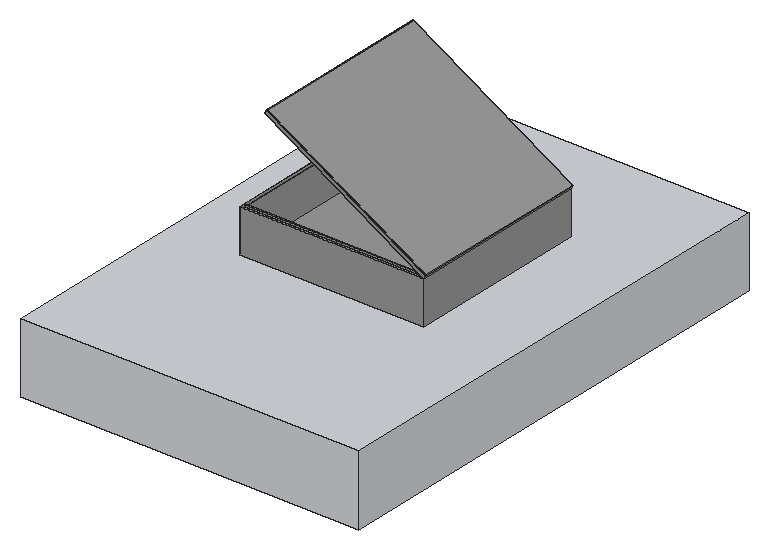
Revit family "Hager-Univers-IP54-D205-H800-Cl.I-Encl-AT-de", category Equipement électrique, Revit 2020
Family settings
  Hôte = Face
  Configuration du panneau = Deux colonnes, circuits au sein
  Cote de connecteur circulaire = Utiliser le diamètre
  Type d'élément = Tableau de raccordement
  Couper avec des vides une fois chargée = Non
  Partagée = Non
  Point de calcul de pièce = Non
Parameters (values of type "Aufputz IP54 B800 H800 T205  - FP53TW2")
  Width Control [instance] = if([EF000008 - Breite] > Min Width, [EF000008 - Breite], Min Width)  # 800 mm
  Commentaires du type = [HG000003 - Bereich]  # "Univers"
  Thickness Door [instance] = if([EF009171 - Materialstärke Tür/Deckel] > 3 mm, 3 mm, [EF009171 - Materialstärke Tür/Deckel])  # 1 mm
  Seal Frame Offset [instance] = 17 mm  # constant formula
  Plinth Visibility [instance] = [HG000027 - Sockelhöhe] > 0 mm  # no
  Model = ""
  Min Width [instance] = 100 mm  # constant formula
  Min Height [instance] = 100 mm  # constant formula
  Min Depth [instance] = (2 * [EF009170 - Materialstärke Gehäuse]) + 1 mm  # 3 mm
  Internal Frame Depth [instance] = (Door System Depth * 0.5)  # 9 mm
  Height Control [instance] = if([EF000040 - Höhe] > Min Height, [EF000040 - Höhe], Min Height)  # 800 mm
  HG000027 - Sockelhöhe = 0 mm
  HG000026 - Stehend auf dem Boden = no
  HG000024 - Höhe des unteren Teils = 800 mm
  HG000023 - Gehäuse mit doppeltem Querschnitt = no
  HG000016 - 3D-Türsichtbarkeit [instance] = yes
  HG000015 - Sichtbarkeit der Türöffnung [instance] = no
  HG000014 - Tür rechts [instance] = yes
  HG000013 - Tür links [instance] = not([HG000014 - Tür rechts])  # no
  HG000012 - Türschwenkwinkel [instance] = 30.00°
  HG000010 - Asymmetrische Türen = no
  HG000009 - Doppelflügeligen Tür = no
  HG000006 - Unterputz = no
  HG000004 - Herstellerreferenz = "FP53TW2"
  HG000003 - Bereich = "Univers"
  HG000002 - Mit tür = yes
  Frame Offset Bottom [instance] = 10 mm  # constant formula
  Frame Offset [instance] = 15 mm  # constant formula
  EF015940 - Deckel mit Überdruckentlastung = no
  EF011959 - Schutzart (NEMA) = ""
  EF009554 - Anzahl der Öffnungen für Flanschplatten = 6
  Fabricant = "Hager"  # constant formula
  EF009212 - Ausführung Deckel = "EV000116 - geschlossen"
  EF009171 - Materialstärke Tür/Deckel = 1 mm
  EF009170 - Materialstärke Gehäuse = 1 mm
  EF008873 - Nennstrom (In) = 250 A
  EF007800 - Geeignet für Blitzschutz = no
  EF006306 - Mit Schloss = no
  EF006244 - Transparenter Deckel/Tür = no
  EF005474 - Schutzart (IP) = "EV006419 - IP54"
  EF004464 - Art der Tür = "EV002646 - Einzel"
  EF004427 - Anzahl der Module = 180
  EF004293 - Schlagfestigkeit = "EV006815 - IK09"
  EF003532 - Geeignet für Außengebrauch = no
  EF002950 - Breite in Teilungseinheiten = 36
  EF001613 - Funktionserhalt = "EV000494 - ohne"
  EF001596 - Werkstoff des Gehäuses = "EV000179 - Stahl"
  EF001131 - Innentiefe = 205 mm
  EF001088 - Anbaumöglichkeit = yes
  EF000437 - Anzahl der Leitungseinführungen = 6
  EF000339 - Art der Abdeckung = "EV001012 - Deckel"
  EF000266 - Anzahl der Reihen = 5
  EF000218 - Einbautiefe = 205 mm
  EF000118 - Mit Montageplatte = no
  EF000116 - RAL-Nummer = "9010"
  EF000049 - Tiefe = 205 mm
  EF000040 - Höhe = 800 mm
  EF000008 - Breite = 800 mm
  EF000007 - Farbe = "EV000202 - weiß"
  EF000003 - Montageart = "EV000384 - Aufputz"
  Door System Leaf Tolerance [instance] = 1.5 mm  # constant formula
  Door System Depth [instance] = 18 mm  # constant formula
  Door Height [instance] = Height Control - [HG000027 - Sockelhöhe]  # 800 mm
  Depth Control [instance] = if([EF000049 - Tiefe] > Min Depth, [EF000049 - Tiefe], Min Depth)  # 205 mm
  Default Elevation = 0 mm
  Connector Offset [instance] = Height Control / 2  # 400 mm
  Bottom Top Plate Trim [instance] = 1.5 mm  # constant formula
  Plinth height Ctrl [instance] = if([HG000027 - Sockelhöhe] > 0 mm, [HG000027 - Sockelhöhe], 12 mm)  # 12 mm
Types (4, lengths in mm): name | Width Control | HG000004 - Herstellerreferenz | EF009554 - Anzahl der Öffnungen für Flanschplatten | EF004464 - Art der Tür | EF004427 - Anzahl der Module | EF002950 - Breite in Teilungseinheiten | EF000437 - Anzahl der Leitungseinführungen | EF000008 - Breite
  Aufputz IP54 B1050 H800 T205  - FP54TW2 | 1050 | "FP54TW2" | 8 | "EV003602 - Doppel" | 240 | 48 | 8 | 1050
  Aufputz IP54 B1300 H800 T205  - FP55TW2 | 1300 | "FP55TW2" | 10 | "EV003602 - Doppel" | 300 | 60 | 10 | 1300
  Aufputz IP54 B550 H800 T205  - FP52TW2 | 550 | "FP52TW2" | 4 | "EV002646 - Einzel" | 120 | 24 | 4 | 550
  Aufputz IP54 B800 H800 T205  - FP53TW2 | 800 | "FP53TW2" | 6 | "EV002646 - Einzel" | 180 | 36 | 6 | 800
Reference planes
  plane 1 "Center (Front/Back)": y = 0
  plane 2: z = 0
  plane 3 "Center (Left/Right)": x = 0
  plane 4: z = 205
  plane 5: y = 1
  plane 6: y = 400
  plane 7: y = 0
  plane 8: y = 800
  plane 9: z = 0
  plane 10: x = -385
  plane 11: x = 385
  plane 12: x = 384
  plane 13: x = -384
  plane 14: y = 799
  plane 15: x = -383
  plane 16: x = -400
  plane 17: x = 383
  plane 18: x = 400
  plane 19: x = 399
  plane 20: x = -399
  plane 21: y = 11
  plane 22: y = 800
  plane 23: y = 784
  plane 24: z = 187
  plane 25: z = 1
  plane 26: z = 186
  plane 27: z = 204
Forms (mm)
  Extrusion 1, solid
    sketch origin (0, 0, 0) x (1, 0, 0) y (0, 1, 0)
      loop
        line (-702.964, 1305) -> (-702.964, -811.445) -> (766.763, -811.445) -> (766.763, 1305) -> (-702.964, 1305)
    from 0 to -304.8
  Extrusion 2, solid, material "Hager_Steel_RAL7035_Light_Grey", visible <- "Plinth Visibility", detail levels medium+fine
    sketch origin (0, 0, 0) x (1, 0, 0) y (0, 1, 0)
      loop
        line (-400, 0) -> (400, 0) -> (400, 12) -> (-400, 12) -> (-400, 0)
    from 0 to 187
  Extrusion 3, solid, material "Hager_Steel_RAL7035_Light_Grey", detail levels medium+fine
    sketch origin (0, 0, 0) x (1, 0, 0) y (0, 1, 0)
      loop
        line (-400, 0) -> (400, 0) -> (400, 800) -> (-400, 800) -> (-400, 0)
    from 0 to 187
  Extrusion 4, void
    sketch origin (0, 0, 0) x (1, 0, 0) y (0, 1, 0)
      loop
        line (-399, 1) -> (399, 1) -> (399, 799) -> (-399, 799) -> (-399, 1)
    from 1 to 186
  Extrusion 5, void
    sketch origin (-381.607, -4572, 187) x (0, -1, 0) y (-1, 0, 0)
      loop
        line (-4583, 2.393) -> (-5356, 2.393) -> (-5356, -765.607) -> (-4583, -765.607) -> (-4583, 2.393)
    from 0 to 1 <- "EF009170 - Materialstärke Gehäuse"
  Extrusion 6, solid, material "Hager_Steel_RAL7035_Light_Grey", detail levels fine
    sketch origin (0, 0, 187) x (1, 0, 0) y (0, 1, 0)
      loop
        line (-384, 784) -> (-384, 11) -> (384, 11) -> (384, 784) -> (-384, 784)
      loop
        line (-385, 10) -> (385, 10) -> (385, 785) -> (-385, 785) -> (-385, 10)
    from 0 to 9 <- "Internal Frame Depth"
  Extrusion 7, solid, material "Hager_Steel_RAL7035_Light_Grey", detail levels coarse
    sketch origin (0, 0, 0) x (1, 0, 0) y (0, 1, 0)
      loop
        line (-400, 0) -> (400, 0) -> (400, 800) -> (-400, 800) -> (-400, 0)
    from 0 to 205
  Sweep 8, void
    path in 3D
      loop
        line (-400, 12, 0) -> (400, 12, 0) -> (400, 12, 187) -> (-400, 12, 187) -> (-400, 12, 0)
    profile origin (-400, 12, 93.5) x (-1, 0, 0) y (0, -1, 0)
      loop
        line (0, 0) -> (0, 1.5) -> (-1.5, 1.5)
        arc (-1.5, 1.5) -> (-1.061, 0.439) -> (0, 0) r 1.5
Cuts and joins
  Extrusion 4, Extrusion 5 cuts Extrusion 3
  Sweep 8 cuts Extrusion 2
Lines and regions (mm)
  Masking region 1
    outline origin (0, 0, 0) x (1, 0, 0) y (0, 0, 1)
      loop
        line (-400, 205) -> (-400, 0) -> (400, 0) -> (400, 205) -> (-400, 205)
  Masking region 2, detail levels medium+fine
    outline origin (0, 140, 0) x (0, 1, 0) y (0, 0, 1)
      loop
        line (-140, 0) -> (660, 0) -> (660, 187) -> (-140, 187) -> (-140, 0)
  Masking region 3, not visible, detail levels medium+fine
    outline origin (0, 297.922, 0) x (0, 1, 0) y (0, 0, 1)
      loop
        line (113.578, 0) -> (153.578, 0) -> (153.578, 194)
        arc (153.578, 194) -> (150.649, 201.071) -> (143.578, 204) r 10
        line (143.578, 204) -> (113.578, 204) -> (113.578, 0)
  Masking region 4, detail levels coarse
    outline origin (0, 0, 180) x (0, 1, 0) y (0, 0, 1)
      loop
        line (0, -180) -> (800, -180) -> (800, 25) -> (0, 25) -> (0, -180)
  Masking region 5, visible <- "Plinth Visibility", detail levels medium+fine
    outline origin (0, 52.24, 12.345) x (0, 0, -1) y (0, 1, 0)
      loop
        line (10.845, -40.24) -> (-173.155, -40.24)
        arc (-173.155, -40.24) -> (-173.594, -41.301) -> (-174.655, -41.74) r 1.5
        line (-174.655, -41.74) -> (-174.655, -52.24) -> (12.345, -52.24) -> (12.345, -41.74)
        arc (12.345, -41.74) -> (11.285, -41.301) -> (10.845, -40.24) r 1.5
  Masking region 6, detail levels medium+fine
    outline origin (-381.607, -4572, 187) x (-1, 0, 0) y (0, -1, 0)
      loop
        line (18.393, -5372) -> (18.393, -4572) -> (-781.607, -4572) -> (-781.607, -5372) -> (18.393, -5372)
  Masking region 7, visible <- "Plinth Visibility", detail levels medium+fine
    outline origin (-381.607, -4727, 187) x (-1, 0, 0) y (0, -1, 0)
      loop
        arc (16.893, -4739) -> (17.332, -4737.939) -> (18.393, -4737.5) r 1.5
        line (18.393, -4737.5) -> (18.393, -4727) -> (-781.607, -4727) -> (-781.607, -4737.5)
        arc (-781.607, -4737.5) -> (-780.546, -4737.939) -> (-780.107, -4739) r 1.5
        line (-780.107, -4739) -> (16.893, -4739)
  Masking region 8, detail levels coarse
    outline origin (-442.548, -4669.526, 187) x (-1, 0, 0) y (0, -1, 0)
      loop
        line (-42.548, -5469.526) -> (-42.548, -4669.526) -> (-842.548, -4669.526) -> (-842.548, -5469.526) -> (-42.548, -5469.526)
  sketch lines
    curve 1: line (-400, 12, 187) -> (-400, 12, 0)
    curve 2: line (400, 12, 187) -> (-400, 12, 187)
    curve 3: line (400, 12, 187) -> (400, 12, 0)
    curve 4: line (-400, 12, 0) -> (400, 12, 0)
Dimensions and locks
  "Depth Control": plane 4 to Extrusion 1
  "HG000027 - Sockelhöhe": plane 1 "Center (Front/Back)" to plane 7
  "EF009170 - Materialstärke Gehäuse": plane 5 to plane 7
  locked: connector elem to plane 3 "Center (Left/Right)"
  equal spacing: plane 8, plane 6, plane 7
  locked: connector elem to plane 6
  "EF009170 - Materialstärke Gehäuse": plane 8 to plane 14
  "EF009170 - Materialstärke Gehäuse": plane 10 to plane 13
  "EF009170 - Materialstärke Gehäuse": plane 12 to plane 11
  "Frame Offset": plane 20 to plane 13
  "Frame Offset": plane 12 to plane 19
  "EF009170 - Materialstärke Gehäuse": plane 16 to plane 20
  "EF009170 - Materialstärke Gehäuse": plane 19 to plane 18
  "Seal Frame Offset": plane 16 to plane 15
  "Seal Frame Offset": plane 17 to plane 18
  "Frame Offset Bottom": plane 21 to plane 5
  "Frame Offset": plane 14 to plane 23
  equal spacing: plane 16, plane 3 "Center (Left/Right)", plane 18
  "Width Control": plane 16 to plane 18
  "EF009170 - Materialstärke Gehäuse": plane 4 to plane 27
  "EF009170 - Materialstärke Gehäuse": plane 24 to plane 26
  "EF009170 - Materialstärke Gehäuse": plane 25 to level
  "Door System Depth": plane 4 to plane 24
  "Height Control": plane 1 "Center (Front/Back)" to Extrusion 7 sketch curve
  "Height Control": Masking region 4 sketch curve to plane 1 "Center (Front/Back)"
  "Height Control": plane 1 "Center (Front/Back)" to plane 22
  "Bottom Top Plate Trim": profile plane to Sweep 8 sketch curve
  "Bottom Top Plate Trim": Sweep 8 sketch curve to profile plane
  "Plinth height Ctrl": plane 1 "Center (Front/Back)" to Extrusion 2 sketch curve
  "Plinth height Ctrl": Masking region 5 sketch curve to plane 1 "Center (Front/Back)"
  "Plinth height Ctrl": plane 1 "Center (Front/Back)" to Masking region 7 sketch curve
  "Thickness Door": Extrusion 6 sketch curve to Extrusion 6 sketch curve  (x3)
  "Thickness Door": cut or joined group of Extrusion 3, Extrusion 4, Extrusion 5 to Extrusion 6 sketch curve
  radius of Masking region 3 sketch curve = 10 mm
  "Bottom Top Plate Trim": radius of Masking region 5 sketch curve  (x2)
  "Bottom Top Plate Trim": radius of Sweep 8 sketch curve
  "Bottom Top Plate Trim": radius of Masking region 7 sketch curve  (x2)
  aligned and locked: plane 2 to Extrusion 1
  aligned and locked: level to Extrusion 1
  aligned and locked: level to Masking region 1 sketch curve
  aligned and locked: Masking region 1 sketch curve to plane 18
  aligned and locked: Masking region 1 sketch curve to plane 16
  aligned and locked: plane 7 to Masking region 2 sketch curve
  aligned and locked: level to Masking region 3 sketch curve
  aligned and locked: Masking region 3 sketch curve to plane 27
  aligned and locked: level to Masking region 2 sketch curve
  aligned and locked: plane 1 "Center (Front/Back)" to Extrusion 2 sketch curve
  aligned and locked: Extrusion 3 sketch curve to plane 7
  aligned and locked: plane 16 to Extrusion 3 sketch curve
  aligned and locked: plane 18 to Extrusion 3 sketch curve
  aligned and locked: plane 20 to Extrusion 4 sketch curve
  aligned and locked: plane 19 to Extrusion 4 sketch curve
  aligned and locked: Extrusion 4 sketch curve to plane 5
  aligned and locked: Extrusion 4 to plane 25
  aligned and locked: plane 26 to Extrusion 4
  aligned and locked: plane 24 to Extrusion 3
  aligned and locked: Extrusion 5 sketch curve to plane 21
  aligned and locked: Extrusion 5 sketch curve to plane 13
  aligned and locked: Extrusion 5 sketch curve to plane 12
  aligned and locked: plane 18 to Extrusion 7 sketch curve
  aligned and locked: plane 1 "Center (Front/Back)" to Extrusion 7 sketch curve
  aligned and locked: plane 16 to Extrusion 7 sketch curve
  aligned and locked: plane 4 to Extrusion 7
  aligned and locked: Extrusion 7 to level
  aligned and locked: level to Masking region 4 sketch curve
  aligned and locked: Masking region 4 sketch curve to plane 1 "Center (Front/Back)"
  aligned and locked: Masking region 4 sketch curve to plane 4
  aligned and locked: nested 1 to level
  aligned and locked: nested 1 to plane 16
  aligned and locked: plane 8 to Extrusion 3 sketch curve
  aligned and locked: plane 23 to Extrusion 5 sketch curve
  aligned and locked: plane 14 to Extrusion 4 sketch curve
  aligned and locked: Masking region 2 sketch curve to plane 8
  aligned and locked: level to Masking region 5 sketch curve
  aligned and locked: plane 16 to Extrusion 2 sketch curve
  aligned and locked: plane 18 to Extrusion 2 sketch curve
  aligned and locked: Masking region 5 sketch curve to plane 24
  aligned and locked: Masking region 2 sketch curve to plane 24
  aligned and locked: plane 24 to Extrusion 2
  aligned and locked: profile plane to Sweep 8 sketch curve  (x2)
  aligned and locked: Masking region 6 sketch curve to plane 18
  aligned and locked: Masking region 6 sketch curve to plane 22
  aligned and locked: Masking region 6 sketch curve to plane 16
  aligned and locked: plane 8 to plane 22
  aligned and locked: Masking region 6 sketch curve to plane 7
  aligned and locked: Masking region 7 sketch curve to plane 16
  aligned and locked: Masking region 7 sketch curve to plane 1 "Center (Front/Back)"
  aligned and locked: Masking region 7 sketch curve to plane 18
  aligned and locked: Masking region 8 sketch curve to plane 1 "Center (Front/Back)"
  aligned and locked: Masking region 8 sketch curve to plane 18
  aligned and locked: Masking region 8 sketch curve to plane 22
  aligned and locked: Masking region 8 sketch curve to plane 16
  aligned and locked: nested 2 to plane 7
  aligned and locked: plane 3 "Center (Left/Right)" to nested 2
  aligned and locked: nested 2 to plane 24
  aligned and locked: Extrusion 6 sketch curve to cut or joined group of Extrusion 3, Extrusion 4, Extrusion 5  (x4)
Automatic sketch dimensions
  Extrusion 1 sketch curve to Extrusion 1 sketch curve = 1469.727 mm
  Extrusion 1 sketch curve to Extrusion 1 sketch curve = 2116.445 mm
  Masking region 1 sketch curve to plane 4 = 0 mm
  plane 6 to Masking region 3 sketch curve = 11.5 mm
  Masking region 3 sketch curve to Masking region 3 sketch curve = 30 mm
  Masking region 5 sketch curve to plane 1 "Center (Front/Back)" = 0 mm
Nested families
  nested 1: "Hager_Enclosure_Symbol" at (-400, 0, 0) x (1, 0, 0) z (0, -1, 0), Height <- "Depth Control", Width <- "Width Control", type "Hager_Enclosure_Symbol"
    with Width_Ctrl 800 mm, Width 800 mm, Height_Ctrl 205 mm, Height 205 mm, A_Width_Int 13.453 mm, A_Width 161.438 mm, A_Height_Ctrl 179.375 mm, A_Height 179.375 mm
  nested 2: "EC000058_Univers_Door" at (0, 0, 187) x (1, 0, 0) z (0, 1, 0), Leaf_Tolerance <- "Door System Leaf Tolerance", Angle <- "HG000012 - Türschwenkwinkel", Door_Depth <- "Door System Depth", Door_Left <- "HG000013 - Tür links", Transparent <- "EF006244 - Transparenter Deckel/Tür", Assymetrical <- "HG000010 - Asymmetrische Türen", Width <- "Width Control", Clearance <- "HG000015 - Sichtbarkeit der Türöffnung", Double <- "HG000009 - Doppelflügeligen Tür", 3d_Door <- "HG000016 - 3D-Türsichtbarkeit", Lock_Visibility <- "EF006306 - Mit Schloss", Width_Ctrl <- "Width Control", Door_Right <- "HG000014 - Tür rechts", Door <- "HG000002 - Mit tür", Height <- "Door Height", Thickness <- "Thickness Door", type "EC000058_Univers_Door", detail levels medium+fine
    with min_wh 3 mm, Width_Ctrl 800 mm, Width 800 mm, Transparent no, Thickness 1 mm, Seal_Material Hager_Rubber, Lock_Visibility no, Lock_Material Hager_Plastic_RAL9005_Jet_Black, Leaf_Width 800 mm, Leaf_Tolerance_External_Sides 0 mm, Leaf_Tolerance 1.5 mm, Leaf_Offset 0 mm, Leaf_Height 797 mm, Leaf_2_Width 800 mm, Leaf_2_Offset 400 mm, Leaf_1_Width 800 mm, Leaf_1_Offset 400 mm, Height_Ctrl 800 mm, Height 800 mm, Glass_Material Hager_Glass, Double_Clearance_Ctrl no, Double no, Door_Right_Ctrl yes, Door_Right yes, Door_Material Hager_Steel_RAL7035_Light_Grey, Door_Left_Ctrl no, Door_Left no, Door_Depth 18 mm, Door yes, Clearance_Material Hager_Clearance, Clearance_Depth 800 mm, Clearance_Ctrl no, Clearance no, Assymetrical no, Angle 30.00°, 3d_Door yes
Connectors
  electrical at (0, 400, 0)
    settings: on plane 9, index 1, voltage 0 V, apparent load 0 VA, apparent load phase1 0 VA, apparent load phase2 0 VA, apparent load phase3 0 VA, power factor 1, load classification "Other", number of poles 1, system type 30, power factor state 1, is connector primary yes, connector utility no, sub classification motor no, connector description ""
Definition of nested family "EC000058_Univers_Door"
  Parameters (values of type "EC000058_Univers_Door")
    min_wh [instance] = (2 * Thickness) + 1 mm  # 11 mm
    Width_Ctrl [instance] = 400 mm
    Width [instance] = 500 mm
    Transparent [instance] = yes
    Thickness [instance] = 5 mm
    Seal_Material [instance] = none
    Lock_Visibility [instance] = yes
    Lock_Material [instance] = none
    Leaf_Width [instance] = if((Width_Ctrl - 2 * Leaf_Tolerance_External_Sides) > 0 mm, (Width_Ctrl - 2 * Leaf_Tolerance_External_Sides), min_wh)  # 400 mm
    Leaf_Tolerance_External_Sides [instance] = 0 mm  # constant formula
    Leaf_Tolerance [instance] = 1.5 mm
    Leaf_Offset [instance] = 0 mm  # constant formula
    Leaf_Height [instance] = if((Height_Ctrl - 2 * Leaf_Tolerance) > 0 mm, (Height_Ctrl - 2 * Leaf_Tolerance), min_wh)  # 497 mm
    Leaf_2_Width [instance] = if(and(and(Double, Assymetrical), Door_Left), (Leaf_Width / 3) - (Leaf_Tolerance / 2), if(and(and(Double, Assymetrical), Door_Right), (Leaf_Width / 3) * 2 - (Leaf_Tolerance / 2), if(and(Double, not(Assymetrical)), (Leaf_Width / 2) - Leaf_Tolerance, Leaf_Width)))  # 400 mm
    Leaf_2_Offset [instance] = if(and(Double, Assymetrical), Leaf_2_Width / 2, if(and(Double, not(Assymetrical)), Leaf_Width / 4, Leaf_Width / 2))  # 200 mm
    Leaf_1_Width [instance] = if(and(and(Double, Assymetrical), Door_Right), (Leaf_Width / 3) - (Leaf_Tolerance / 2), if(and(and(Double, Assymetrical), Door_Left), (Width / 3) * 2 - (Leaf_Tolerance / 2), if(and(Double, not(Assymetrical)), (Leaf_Width / 2) - Leaf_Tolerance, Leaf_Width)))  # 400 mm
    Leaf_1_Offset [instance] = if(and(Double, Assymetrical), Leaf_1_Width / 2, if(and(Double, not(Assymetrical)), Leaf_Width / 4, Leaf_Width / 2))  # 200 mm
    Height_Ctrl [instance] = if(Height > min_wh, Height, min_wh)  # 500 mm
    Height [instance] = 500 mm
    Glass_Material [instance] = none
    Double_Clearance_Ctrl [instance] = and(Double, Clearance)  # no
    Double [instance] = no
    Door_Right_Ctrl [instance] = and(or(Door_Right, Double), Door)  # yes
    Door_Right [instance] = yes
    Door_Material [instance] = none
    Door_Left_Ctrl [instance] = and(or(Door_Left, Double), Door)  # no
    Door_Left [instance] = no
    Door_Depth [instance] = 30 mm
    Door [instance] = yes
    Default Elevation = 1219.2 mm
    Clearance_Material [instance] = none
    Clearance_Depth [instance] = if(Leaf_1_Width > Leaf_2_Width, Leaf_1_Width, Leaf_2_Width)  # 400 mm
    Clearance_Ctrl [instance] = and(not(Double), Clearance)  # yes
    Clearance [instance] = yes
    Assymetrical [instance] = yes
    Angle [instance] = 30.00°
    3d_Door [instance] = yes
  Reference planes
    plane 1 "Center (Front/Back)": y = 0
    plane 2 "Bottom": z = 0
    plane 3 "Center (Left/Right)": x = 0
    plane 4: z = 500
    plane 5: x = -200
    plane 6: x = 200
    plane 7: z = 500
    plane 8: x = -200
    plane 9: z = 0
    plane 10: x = 200
    plane 11: y = 0
    plane 12: z = 1.5
    plane 13: x = -600
    plane 14: y = -400
    plane 15: x = 600
    plane 16: x = 0
    plane 17: x = 0
    plane 18: x = -200
    plane 19: x = 200
    plane 20: z = 498.5
  Forms (mm)
    Extrusion 1, solid, material <- "Clearance_Material", visible <- "Double_Clearance_Ctrl"
      sketch origin (1200, 0, 0) x (1, 0, 0) y (0, 0, -1)
        loop
          line (-1800, -498.5) -> (-600, -498.5) -> (-600, 0) -> (-1800, 0) -> (-1800, -498.5)
      from 0 to -400
  Dimensions and locks
    equal spacing: plane 5, plane 3 "Center (Left/Right)", plane 6
    "Width_Ctrl": plane 5 to plane 6
    "Leaf_Offset": plane 5 to plane 8
    "Leaf_Offset": plane 6 to plane 10
    "Leaf_Offset": plane 9 to level
    "Leaf_Offset": plane 4 to plane 7
    "Height_Ctrl": plane 4 to level
    "Leaf_Tolerance": plane 12 to plane 9
    locked: plane 11 to plane 1 "Center (Front/Back)"
    "Leaf_1_Offset": plane 18 to plane 16
    "Leaf_2_Offset": plane 17 to plane 19
    "Leaf_1_Width": plane 13 to plane 8
    "Leaf_2_Width": plane 10 to plane 15
    "Clearance_Depth": plane 14 to plane 1 "Center (Front/Back)"
    "Leaf_Tolerance_External_Sides": plane 8 to plane 18
    "Leaf_Tolerance_External_Sides": plane 19 to plane 10
    "Leaf_Tolerance": plane 7 to plane 20
    aligned and locked: level to plane 2 "Bottom"
    aligned and locked: nested 1 to plane 16
    aligned and locked: nested 2 to plane 17
    aligned and locked: Extrusion 1 to plane 13
    aligned and locked: plane 15 to Extrusion 1
    aligned and locked: Extrusion 1 to plane 14
    aligned and locked: plane 12 to nested 1
    aligned and locked: nested 2 to plane 12
    aligned and locked: Extrusion 1 to plane 11
    aligned and locked: plane 20 to Extrusion 1
    aligned and locked: nested 2 to plane 11
    aligned and locked: nested 1 to plane 11
  Automatic sketch dimensions
    Extrusion 1 sketch curve to level = 0 mm
    plane 5 to Extrusion 1 sketch curve = 400 mm
    plane 6 to Extrusion 1 sketch curve = 400 mm
    Extrusion 1 sketch curve to plane 4 = 1.5 mm
  Nested families
    nested 1: "EC000058_Univers_Door_Leaf" at (0, 0, 1.5), Width <- "Leaf_1_Width", visible <- "Door_Left_Ctrl", Leaf_Height <- "Leaf_Height", Angle <- "Angle", 3d_Door <- "3d_Door", Transparent <- "Transparent", Clearance Material <- "Clearance_Material", Clearance <- "Clearance_Ctrl", Door_Material <- "Door_Material", Glass_Material <- "Glass_Material", Door_Depth <- "Door_Depth", Lock_Material <- "Lock_Material", Seal_Material <- "Seal_Material", Lock_Visibility <- "Lock_Visibility", Thickness <- "Thickness", type "EC000058_Univers_Door_Leaf"
      with Width 400 mm, Transparent_Glass_Offset 30 mm, Transparent_Ctrl yes, Transparent yes, Thickness 5 mm, Standard no, Seal_Material none, Seal_D2 8 mm, Seal_D1 1 mm, Offset_Internal_Frame 10 mm, Lock_Width 20 mm, Lock_Visibility_3d yes, Lock_Visibility yes, Lock_Thickness_3 3 mm, Lock_Thickness_2 1 mm, Lock_Thickness_1 3 mm, Lock_Radius_Offset_2 16 mm, Lock_Radius_Offset_1 15 mm, Lock_Radius_2 5 mm, Lock_Radius 6 mm, Lock_Offset 5 mm, Lock_Material none, Lock_Height 80 mm, Lock_Cover_Top_Offset_2d 17 mm, Lock_Cover_Height -65 mm, Leaf_Height 497 mm, Internal_Seal_Thickness 8 mm, Internal_Seal_Depth_2 4.5 mm, Internal_Frame_Depth 25 mm, Glass_Thickness -1 mm, Glass_Offset -2 mm, Glass_Material none, Door_Material none, Door_Depth 30 mm, Clearance Material none, Clearance yes, Angle_Ctrl 30.00°, Angle 30.00°, 3d_Door yes
    nested 2: "EC000058_Univers_Door_Leaf" at (0, 0, 1.5) x (-1, 0, 0) z (0, 0, 1), Width <- "Leaf_2_Width", visible <- "Door_Right_Ctrl", Leaf_Height <- "Leaf_Height", Angle <- "Angle", 3d_Door <- "3d_Door", Transparent <- "Transparent", Clearance Material <- "Clearance_Material", Clearance <- "Clearance_Ctrl", Door_Material <- "Door_Material", Glass_Material <- "Glass_Material", Door_Depth <- "Door_Depth", Lock_Material <- "Lock_Material", Seal_Material <- "Seal_Material", Lock_Visibility <- "Lock_Visibility", Thickness <- "Thickness", type "EC000058_Univers_Door_Leaf"
      with Width 400 mm, Transparent_Glass_Offset 30 mm, Transparent_Ctrl yes, Transparent yes, Thickness 5 mm, Standard no, Seal_Material none, Seal_D2 8 mm, Seal_D1 1 mm, Offset_Internal_Frame 10 mm, Lock_Width 20 mm, Lock_Visibility_3d yes, Lock_Visibility yes, Lock_Thickness_3 3 mm, Lock_Thickness_2 1 mm, Lock_Thickness_1 3 mm, Lock_Radius_Offset_2 16 mm, Lock_Radius_Offset_1 15 mm, Lock_Radius_2 5 mm, Lock_Radius 6 mm, Lock_Offset 5 mm, Lock_Material none, Lock_Height 80 mm, Lock_Cover_Top_Offset_2d 17 mm, Lock_Cover_Height -65 mm, Leaf_Height 497 mm, Internal_Seal_Thickness 8 mm, Internal_Seal_Depth_2 4.5 mm, Internal_Frame_Depth 25 mm, Glass_Thickness -1 mm, Glass_Offset -2 mm, Glass_Material none, Door_Material none, Door_Depth 30 mm, Clearance Material none, Clearance yes, Angle_Ctrl 30.00°, Angle 30.00°, 3d_Door yes
  Definition of nested family "EC000058_Univers_Door_Leaf"
    Parameters (values of type "EC000058_Univers_Door_Leaf")
      Width [instance] = 2000 mm
      Transparent_Glass_Offset [instance] = 30 mm
      Transparent_Ctrl [instance] = and(Transparent, [3d_Door])  # yes
      Transparent [instance] = yes
      Thickness [instance] = 5 mm
      Standard [instance] = and(not(Transparent), [3d_Door])  # no
      Seal_Material [instance] = none
      Seal_D2 [instance] = 8 mm  # constant formula
      Seal_D1 [instance] = 1 mm  # constant formula
      Offset_Internal_Frame [instance] = 10 mm  # constant formula
      Lock_Width [instance] = 20 mm  # constant formula
      Lock_Visibility_3d [instance] = and(Lock_Visibility, [3d_Door])  # yes
      Lock_Visibility [instance] = yes
      Lock_Thickness_3 [instance] = 3 mm  # constant formula
      Lock_Thickness_2 [instance] = 1 mm  # constant formula
      Lock_Thickness_1 [instance] = 3 mm  # constant formula
      Lock_Radius_Offset_2 [instance] = Lock_Radius_Offset_1 + 1 mm  # 16 mm
      Lock_Radius_Offset_1 [instance] = 15 mm  # constant formula
      Lock_Radius_2 [instance] = Lock_Radius - 1 mm  # 5 mm
      Lock_Radius [instance] = 6 mm  # constant formula
      Lock_Offset [instance] = 5 mm  # constant formula
      Lock_Material [instance] = none
      Lock_Height [instance] = 80 mm  # constant formula
      Lock_Cover_Top_Offset_2d [instance] = Lock_Radius_Offset_2 + 1 mm  # 17 mm
      Lock_Cover_Height [instance] = -(Lock_Height - Lock_Radius_Offset_1)  # -65 mm
      Leaf_Height [instance] = 2720.336 mm
      Internal_Seal_Thickness [instance] = 8 mm  # constant formula
      Internal_Seal_Depth_2 [instance] = 4.5 mm  # constant formula
      Internal_Frame_Depth [instance] = if(Door_Depth - Thickness > 5 mm, Door_Depth - Thickness, 5 mm)  # 25 mm
      Glass_Thickness [instance] = if(Thickness > 15 mm, Glass_Offset + 10 mm, -1 mm)  # -1 mm
      Glass_Offset [instance] = if(Thickness > 15 mm, -(Thickness + 10 mm) / 2, -2 mm)  # -2 mm
      Glass_Material [instance] = none
      Door_Material [instance] = none
      Door_Depth [instance] = 30 mm
      Default Elevation = 0 mm
      Clearance Material [instance] = none
      Clearance [instance] = yes
      Angle_Ctrl [instance] = if(Angle > 180.00°, 180.00°, Angle)  # 90.00°
      Angle [instance] = 90.00°
      3d_Door [instance] = yes
    Reference planes
      plane 1 "Center (Front/Back)": y = 0
      plane 2: z = 0
      plane 3 "Center (Left/Right)": x = 0
      plane 4: y = 2000
      plane 5: x = -1000
      plane 6: x = 1000
      plane 7: x = -3000
      plane 8: z = 2720.336
      plane 9: z = 30
      plane 10: z = 2690.336
      plane 11: x = 970
      plane 12: x = -970
      plane 13: y = -3
      plane 14: z = 107.833
      plane 15: y = -5
      plane 16: y = -223.314
      plane 17: x = -1000
      plane 18: z = 1360.168
      plane 19: y = 30
    Forms (mm)
      Extrusion 1, solid, material <- "Clearance Material", visible <- "Clearance"
        sketch origin (0, 0, 0) x (1, 0, 0) y (0, 0, 1)
          loop
            line (-3000, 2720.336) -> (-3000, 0) -> (1000, 0) -> (1000, 2720.336) -> (-3000, 2720.336)
        from 0 to -2000
      Extrusion 2, solid, material <- "Door_Material", visible <- "Standard", detail levels medium+fine
        sketch origin (-1000, 0, 0) x (0, 1, 0) y (-1, 0, 0)
          loop
            line (0, 30) -> (0, 25) -> (2000, 25) -> (2000, 30) -> (0, 30)
        from 0 to 2720.336 <- "Leaf_Height"
      Extrusion 3, solid, material <- "Door_Material", visible <- "Transparent_Ctrl", detail levels medium+fine
        sketch origin (-1000, 0, 0) x (0, 1, 0) y (-1, 0, 0)
          loop
            line (0, 25) -> (2000, 25) -> (2000, 30) -> (0, 30) -> (0, 25)
        from 0 to 2720.336 <- "Leaf_Height"
      Extrusion 4, void
        sketch origin (-1025, 2000, 0) x (0, 1, 0) y (0, 0, -1)
          loop
            line (-30, -2690.336) -> (-30, -30) -> (-1970, -30) -> (-1970, -2690.336) -> (-30, -2690.336)
        from 0 to 5 <- "Thickness"
      Sweep 5, solid, material <- "Seal_Material", visible <- "Transparent_Ctrl", detail levels fine
        path in 3D
          loop
            line (-1025, 30, 30) -> (-1025, 30, 2690.336) -> (-1025, 1970, 2690.336) -> (-1025, 1970, 30) -> (-1025, 30, 30)
        profile origin (-1025, 1000, 30) x (1, 0, 0) y (0, 0, 1)
          loop
            line (0, 0) -> (0, -8) -> (1, -8) -> (1, 0) -> (0, 0)
      Extrusion 6, solid, material <- "Glass_Material", visible <- "Transparent_Ctrl", detail levels medium+fine
        sketch origin (-1030, 0, 0) x (0, 1, 0) y (0, 0, -1)
          loop
            line (1970, -2690.336) -> (1970, -30) -> (30, -30) -> (30, -2690.336) -> (1970, -2690.336)
        from -2 <- "Glass_Offset" to -1 <- "Glass_Thickness"
      Extrusion 7, solid, material <- "Door_Material", visible <- "3d_Door", detail levels medium+fine
        sketch origin (-1025, 2000, 0) x (0, -1, 0) y (0, 0, -1)
          loop
            line (0, -2720.336) -> (2000, -2720.336) -> (2000, 0) -> (0, 0) -> (0, -2720.336)
          loop
            line (1995, -5) -> (5, -5) -> (5, -2715.336) -> (1995, -2715.336) -> (1995, -5)
        from 0 to 25 <- "Internal_Frame_Depth"
      Sweep 8, solid, material <- "Seal_Material", visible <- "Transparent_Ctrl", detail levels fine
        path in 3D
          loop
            line (-1025, 0, 0) -> (-1025, 2000, 0) -> (-1025, 2000, 2720.336) -> (-1025, 0, 2720.336) -> (-1025, 0, 0)
        profile origin (-1025, 0, 1360.168) x (1, 0, 0) y (0, 1, 0)
          loop
            line (0, 10) -> (2.975, 10)
            arc (2.975, 10) -> (4.053, 10.447) -> (4.5, 11.525) r 1.525
            line (4.5, 11.525) -> (4.5, 16.527)
            arc (4.5, 16.527) -> (4.069, 17.569) -> (3.027, 18) r 1.473
            line (3.027, 18) -> (0, 18) -> (0, 10)
      Extrusion 9, solid, material <- "Lock_Material", visible <- "Lock_Visibility_3d", detail levels fine
        sketch origin (-1030, 0, 0) x (0, 1, 0) y (0, 0, -1)
          loop
            arc (1993.5, -1400.168) -> (1994.561, -1399.729) -> (1995, -1398.668) r 1.5
            line (1995, -1398.668) -> (1995, -1320.168) -> (1975, -1320.168) -> (1975, -1398.668)
            arc (1975, -1398.668) -> (1975.439, -1399.729) -> (1976.5, -1400.168) r 1.5
            line (1976.5, -1400.168) -> (1993.5, -1400.168)
        from 3 <- "Lock_Thickness_1" to 0
      Blend 10, solid, material <- "Lock_Material", visible <- "Lock_Visibility_3d", detail levels fine
        base sketch origin (-1033, 0, 0) x (0, 1, 0) y (0, 0, -1)
          loop
            line (1975, -1320.168) -> (1975, -1398.668)
            arc (1975, -1398.668) -> (1975.439, -1399.729) -> (1976.5, -1400.168) r 1.5
            line (1976.5, -1400.168) -> (1993.5, -1400.168)
            arc (1993.5, -1400.168) -> (1994.561, -1399.729) -> (1995, -1398.668) r 1.5
            line (1995, -1398.668) -> (1995, -1320.168) -> (1975, -1320.168)
        top sketch origin (-1033, 0, 0) x (0, 1, 0) y (0, 0, -1)
          loop
            line (1976, -1320.168) -> (1976, -1398.668)
            arc (1976, -1398.668) -> (1976.146, -1399.022) -> (1976.5, -1399.168) r 0.5
            line (1976.5, -1399.168) -> (1993.5, -1399.168)
            arc (1993.5, -1399.168) -> (1993.854, -1399.022) -> (1994, -1398.668) r 0.5
            line (1994, -1398.668) -> (1994, -1320.168) -> (1976, -1320.168)
        from 0 to 1 <- "Lock_Thickness_2"
      Blend 11, solid, material <- "Lock_Material", visible <- "Lock_Visibility_3d", detail levels fine
        base sketch origin (-1034, 0, 0) x (0, 1, 0) y (0, 0, -1)
          loop
            line (1978, -1320.168) -> (1978, -1384.168)
            arc (1978, -1384.168) -> (1985, -1391.168) -> (1992, -1384.168) r 7
            line (1992, -1384.168) -> (1992, -1320.168) -> (1978, -1320.168)
        top sketch origin (-1034, 0, 0) x (0, 1, 0) y (0, 0, -1)
          loop
            line (1991, -1320.168) -> (1979, -1320.168) -> (1979, -1383.168)
            arc (1979, -1383.168) -> (1985, -1389.168) -> (1991, -1383.168) r 6
            line (1991, -1383.168) -> (1991, -1320.168)
        from 0 to 3 <- "Lock_Thickness_3"
      Extrusion 12, solid, material <- "Lock_Material", visible <- "Lock_Visibility_3d", detail levels fine
        sketch origin (-1030, 1975, 1320.168) x (1, 0, 0) y (0, -1, 0)
          loop
            line (-7, -19) -> (-7, -1) -> (0, -1) -> (0, 0) -> (-8, 0) -> (-8, -20) -> (0, -20) -> (0, -19) -> (-7, -19)
        from 0 to -65 <- "Lock_Cover_Height"
      Extrusion 13, void
        sketch origin (-1038, 1995, 1320.168) x (-1, 0, 0) y (0, 0, -1)
          loop
            line (-5, -65) -> (0, -65) -> (-5, -60) -> (-5, -65)
        from 0 to 20 <- "Lock_Width"
      Extrusion 14, void
        sketch origin (-1038, 1975, 1320.168) x (0, -1, 0) y (0, 0, -1)
          loop
            circle (-10, -15.995) r 6
          loop
            circle (-10, -15.995) r 5
        from 0 to 2
      Extrusion 15, solid, material <- "Lock_Material", visible <- "Lock_Visibility_3d", detail levels medium
        sketch origin (-1030, 0, 0) x (0, 1, 0) y (0, 0, -1)
          loop
            arc (1993.5, -1400.168) -> (1994.561, -1399.729) -> (1995, -1398.668) r 1.5
            line (1995, -1398.668) -> (1995, -1320.168) -> (1975, -1320.168) -> (1975, -1398.668)
            arc (1975, -1398.668) -> (1975.439, -1399.729) -> (1976.5, -1400.168) r 1.5
            line (1976.5, -1400.168) -> (1993.5, -1400.168)
        from 8 to 0
    Cuts and joins
      Extrusion 4 cuts Extrusion 3
      Extrusion 13, Extrusion 14 cuts Extrusion 9
      Extrusion 14 cuts Blend 11
      Extrusion 13, Extrusion 14 cuts Extrusion 12
      joined: Extrusion 9, Blend 10, Blend 11, Extrusion 12
      Extrusion 14 cuts Extrusion 15
    Lines and regions (mm)
      Masking region 1, visible <- "Lock_Visibility", detail levels fine
        outline origin (0, 0, 0) x (0, 1, 0) y (0, 0, 1)
          loop
            line (30, 1320.168) -> (33, 1320.168) -> (33, 1400.168) -> (30, 1400.168) -> (30, 1320.168)
      Masking region 2, visible <- "Lock_Visibility", detail levels fine
        outline origin (0, 3.143, 0) x (0, 1, 0) y (0, 0, 1)
          loop
            line (29.857, 1354.168) -> (30.857, 1354.168) -> (30.857, 1366.168) -> (29.857, 1366.168) -> (29.857, 1354.168)
      Masking region 3, detail levels medium+fine
        outline origin (0, 0, 0) x (0, 1, 0) y (0, 0, 1)
          loop
            line (0, 0) -> (30, 0) -> (30, 2720.336) -> (0, 2720.336) -> (0, 0)
      Masking region 4, detail levels medium+fine
        outline origin (0, 0, 0) x (1, 0, 0) y (0, 0, 1)
          loop
            line (-1000, 2720.336) -> (-1000, 0) -> (1000, 0) -> (1000, 2720.336) -> (-1000, 2720.336)
      Masking region 5, visible <- "Lock_Visibility", detail levels fine
        outline origin (-47.116, 0, 0) x (1, 0, 0) y (0, 0, 1)
          loop
            arc (1024.616, 1399.168) -> (1023.556, 1398.729) -> (1023.116, 1397.668) r 1.5
            line (1023.116, 1397.668) -> (1023.116, 1320.168) -> (1041.116, 1320.168) -> (1041.116, 1397.668)
            arc (1041.116, 1397.668) -> (1040.677, 1398.729) -> (1039.616, 1399.168) r 1.5
            line (1039.616, 1399.168) -> (1024.616, 1399.168)
      Masking region 6, visible <- "Lock_Visibility", detail levels medium+fine
        outline origin (-25, 0, 0) x (1, 0, 0) y (0, 0, 1)
          loop
            arc (1001.5, 1400.168) -> (1000.439, 1399.729) -> (1000, 1398.668) r 1.5
            line (1000, 1398.668) -> (1000, 1320.168) -> (1020, 1320.168) -> (1020, 1398.668)
            arc (1020, 1398.668) -> (1019.561, 1399.729) -> (1018.5, 1400.168) r 1.5
            line (1018.5, 1400.168) -> (1001.5, 1400.168)
      Masking region 7, visible <- "Lock_Visibility", detail levels fine
        outline origin (-73.735, 0, 0) x (1, 0, 0) y (0, 0, 1)
          loop
            line (1051.735, 1382.168) -> (1065.735, 1382.168) -> (1065.735, 1384.168)
            arc (1065.735, 1384.168) -> (1058.735, 1391.168) -> (1051.735, 1384.168) r 7
            line (1051.735, 1384.168) -> (1051.735, 1382.168)
      Masking region 8, visible <- "Lock_Visibility", detail levels fine
        outline origin (-73.735, 0, 0) x (1, 0, 0) y (0, 0, 1)
          loop
            line (1052.735, 1382.168) -> (1064.735, 1382.168) -> (1064.735, 1383.168)
            arc (1064.735, 1383.168) -> (1058.735, 1389.168) -> (1052.735, 1383.168) r 6
            line (1052.735, 1383.168) -> (1052.735, 1382.168)
      Masking region 9, visible <- "Lock_Visibility", detail levels fine
        outline origin (-25, 0, 0) x (1, 0, 0) y (0, 0, 1)
          loop
            line (1020, 1320.168) -> (1020, 1382.168) -> (1000, 1382.168) -> (1000, 1320.168) -> (1020, 1320.168)
      Masking region 10, detail levels medium+fine
        outline origin (0, 0, 0) x (1, 0, 0) y (0, 0, 1)
          loop
            circle (985, 1335.144) r 6
      Masking region 11, detail levels fine
        outline origin (0, 0, 0) x (1, 0, 0) y (0, 0, 1)
          loop
            circle (985, 1335.144) r 5
      Masking region 12, visible <- "Lock_Visibility", detail levels fine
        outline origin (0, 12.767, 0) x (0, 1, 0) y (0, 0, 1)
          loop
            line (20.233, 1320.168) -> (21.233, 1320.168) -> (21.233, 1399.168) -> (20.233, 1400.168) -> (20.233, 1320.168)
      Masking region 13, visible <- "Lock_Visibility", detail levels fine
        outline origin (0, 13.767, -10) x (0, 1, 0) y (0, 0, 1)
          loop
            line (20.233, 1330.168) -> (23.233, 1330.168) -> (23.233, 1399.168) -> (20.233, 1402.168) -> (20.233, 1330.168)
      Masking region 14, visible <- "Lock_Visibility", detail levels fine
        outline origin (0, 12.767, -10) x (0, 1, 0) y (0, 0, 1)
          loop
            line (20.233, 1330.168) -> (25.233, 1330.168) -> (25.233, 1399.305) -> (20.233, 1394.305) -> (20.233, 1330.168)
      Masking region 15, visible <- "Lock_Visibility", detail levels medium
        outline origin (0, 0, 0) x (0, 1, 0) y (0, 0, 1)
          loop
            line (30, 1320.168) -> (38, 1320.168) -> (38, 1400.168) -> (30, 1400.168) -> (30, 1320.168)
      Masking region 16, visible <- "Lock_Visibility", detail levels fine
        outline origin (-1000, 0, 0) x (0, 1, 0) y (-1, 0, 0)
          loop
            line (1975, 30) -> (1995, 30) -> (1995, 38) -> (1975, 38) -> (1975, 30)
          loop
            line (1979, 37) -> (1976, 37) -> (1976, 34) -> (1978, 34) -> (1979, 37)
          loop
            line (1994, 37) -> (1991, 37) -> (1992, 34) -> (1994, 34) -> (1994, 37)
      Masking region 17, visible <- "Lock_Visibility", detail levels medium
        outline origin (-1000, 0, 0) x (0, 1, 0) y (-1, 0, 0)
          loop
            line (1975, 30) -> (1995, 30) -> (1995, 38) -> (1975, 38) -> (1975, 30)
      symbolic lines
        curve 1: line (1000, 0, 0) -> (-3000, 0, 0)
        curve 2: arc (1000, 0, 0) -> (-1000, 2000, 0) -> (-3000, 0, 0) r 2000
        curve 4: line (-1030, 0, 0) -> (-1030, 2000, 0)
      reference lines
        curve 3: line (-1000, 0, 0) -> (-1000, 2000, 0)
      symbolic lines, detail levels medium+fine
        curve 5: line (-1030, 2000, 0) -> (-1025, 2000, 0)
        curve 7: line (-1025, 0, 0) -> (-1030, 0, 0)
        curve 8: line (-1025, 0, 0) -> (-1000, 0, 0)
        curve 9: line (-1000, 0, 0) -> (-1000, 2000, 0)
        curve 10: line (-1000, 2000, 0) -> (-1025, 2000, 0)
      symbolic lines, detail levels fine
        curve 6: line (-1025, 2000, 0) -> (-1025, 0, 0)
      sketch lines
        curve 11: line (-1025, 0, 2720.336) -> (-1025, 0, 0)
        curve 12: line (-1025, 2000, 0) -> (-1025, 0, 0)
        curve 13: line (-1025, 2000, 2720.336) -> (-1025, 2000, 0)
        curve 14: line (-1025, 0, 2720.336) -> (-1025, 2000, 2720.336)
        curve 15: line (-1025, 1970, 30) -> (-1025, 30, 30)
        curve 16: line (-1025, 30, 30) -> (-1025, 30, 2690.336)
        curve 17: line (-1025, 1970, 2690.336) -> (-1025, 1970, 30)
        curve 18: line (-1025, 30, 2690.336) -> (-1025, 1970, 2690.336)
      symbolic lines, visible <- "Transparent", detail levels medium+fine
        curve 19: line (-970, 0, 2690.336) -> (970, 0, 2690.336)
        curve 20: line (-970, 0, 30) -> (-970, 0, 2690.336)
        curve 21: line (970, 0, 30) -> (-970, 0, 30)
        curve 22: line (970, 0, 2690.336) -> (970, 0, 30)
    Dimensions and locks
      "Width": plane 1 "Center (Front/Back)" to plane 4
      equal spacing: plane 5, plane 3 "Center (Left/Right)", plane 6
      "Width": plane 5 to plane 6
      "Width": plane 7 to plane 5
      "Leaf_Height": plane 8 to level
      "Width": curve 5 to curve 3
      "Width": curve 3 to curve 3
      plane 8 to plane 10 = 30 mm
      plane 9 to level = 30 mm
      plane 12 to plane 5 = 30 mm
      plane 6 to plane 11 = 30 mm
      Extrusion 1 to Extrusion 4 sketch curve = 30 mm
      "Transparent_Glass_Offset": curve 3 to Extrusion 4 sketch curve
      "Transparent_Glass_Offset": Extrusion 4 sketch curve to cut or joined group of Extrusion 3, Extrusion 4  (x2)
      cut or joined group of Extrusion 3, Extrusion 4 to Extrusion 6 sketch curve = 30 mm
      "Transparent_Glass_Offset": cut or joined group of Extrusion 3, Extrusion 4 to Extrusion 4 sketch curve
      "Thickness": curve 6 to curve 4
      "Thickness": Extrusion 7 sketch curve to Extrusion 7 sketch curve  (x4)
      "Door_Depth": curve 4 to curve 3
      "Offset_Internal_Frame": profile plane to Sweep 8 sketch curve
      "Internal_Seal_Thickness": Sweep 8 sketch curve to Sweep 8 sketch curve
      "Internal_Seal_Depth_2": profile plane to Sweep 8 sketch curve
      "Seal_D1": profile plane to Sweep 5 sketch curve
      "Seal_D2": profile plane to Sweep 5 sketch curve
      "Thickness": Extrusion 2 sketch curve to Extrusion 2 sketch curve
      equal spacing: Extrusion 9 sketch curve, plane 18, Extrusion 9 sketch curve  (x2)
      equal spacing: Masking region 1 sketch curve, plane 18, Masking region 1 sketch curve
      "Lock_Height": Masking region 1 sketch curve to Masking region 1 sketch curve
      "Lock_Radius": Masking region 2 sketch curve to plane 18 to Masking region 2 sketch curve
      Masking region 2 sketch curve to Masking region 1 = 1 mm
      "Door_Depth": plane 19 to plane 1 "Center (Front/Back)"
      "Lock_Thickness_1": Masking region 1 sketch curve to plane 19
      "Lock_Width": Extrusion 9 sketch curve to Extrusion 9 sketch curve
      "Lock_Height": Extrusion 9 sketch curve to Extrusion 9 sketch curve
      "Lock_Offset": cut or joined group of Extrusion 3, Extrusion 4 to Extrusion 9 sketch curve
      equal spacing: plane 8, plane 18, level
      "Lock_Radius_Offset_1": Blend 11 sketch curve to Blend 10
      locked: Blend 10 to Blend 11 sketch curve at 2  (x2)
      locked: var sketch to Blend 11 sketch curve at 1  (x2)
      "Lock_Radius_Offset_2": Blend 11 sketch curve to Blend 10
      locked: Extrusion 12 sketch curve to Extrusion 12 sketch curve at 1  (x3)
      Masking region 6 sketch curve to Masking region 6 sketch curve = 80 mm
      "Lock_Height": Masking region 6 sketch curve to Masking region 6 sketch curve
      "Lock_Width": Masking region 6 sketch curve to Masking region 6 sketch curve
      locked: Masking region 6 to Masking region 5 sketch curve at 1  (x3)
      locked: Masking region 5 to Masking region 7 sketch curve at 2  (x2)
      "Lock_Radius_Offset_1": Masking region 5 to Masking region 7 sketch curve
      "Lock_Radius_Offset_2": Masking region 5 to Masking region 8 sketch curve
      locked: Masking region 7 to Masking region 8 sketch curve at 1  (x2)
      "Lock_Cover_Top_Offset_2d": Masking region 5 to Masking region 9 sketch curve
      equal spacing: Masking region 9, Masking region 10 sketch curve, Masking region 9
      equal spacing: Masking region 9, Masking region 11 sketch curve, Masking region 9
      Extrusion 15 sketch curve to Extrusion 15 sketch curve = 80 mm
      "Lock_Width": Extrusion 15 sketch curve to Extrusion 15 sketch curve
      "Lock_Height": Extrusion 15 sketch curve to Extrusion 15 sketch curve
      equal spacing: Extrusion 15 sketch curve, plane 18, Extrusion 15 sketch curve
      "Lock_Thickness_3": Masking region 13 sketch curve to Masking region 13 sketch curve
      "Lock_Height": Masking region 12 sketch curve to Masking region 12 sketch curve
      locked: Masking region 13 sketch curve to Masking region 1 at 8
      locked: Masking region 14 sketch curve to Masking region 13 at 1
      locked: Masking region 14 sketch curve to Masking region 1 at 10.863
      "Lock_Height": Masking region 15 sketch curve to Masking region 15 sketch curve
      "Lock_Offset": Extrusion 15 sketch curve to cut or joined group of Extrusion 3, Extrusion 4
      "Lock_Offset": plane 6 to Masking region 6 sketch curve
      radius of Sweep 8 sketch curve = 1.525 mm
      radius of Sweep 8 sketch curve = 1.473 mm
      radius of Extrusion 9 sketch curve = 1.5 mm  (x2)
      "Lock_Radius": radius of Extrusion 14 sketch curve
      "Lock_Radius_2": radius of Extrusion 14 sketch curve
      "Lock_Radius": radius of Masking region 10 sketch curve
      "Lock_Radius_2": radius of Masking region 11 sketch curve
      radius of Extrusion 15 sketch curve = 1.5 mm  (x2)
      "Angle_Ctrl": angle plane 1 "Center (Front/Back)" to curve 3
      locked: Masking region 12 sketch curve to Masking region 12 sketch curve (angle 45.00°)
      locked: Masking region 13 sketch curve to Masking region 13 sketch curve (angle 45.00°)
      locked: Masking region 14 sketch curve to Masking region 14 sketch curve (angle 45.00°)
      aligned and locked: level to plane 2
      aligned and locked: Extrusion 1 to curve 1
      aligned and locked: plane 6 to Extrusion 1
      aligned and locked: Extrusion 1 to plane 1 "Center (Front/Back)"
      aligned and locked: plane 4 to Extrusion 1
      aligned and locked: plane 8 to Extrusion 1
      aligned and locked: curve 7 to Extrusion 2 sketch curve
      aligned and locked: curve 5 to Extrusion 2 sketch curve
      aligned and locked: curve 7 to Extrusion 3 sketch curve
      aligned and locked: Extrusion 3 sketch curve to curve 4
      aligned and locked: Extrusion 3 sketch curve to curve 6
      aligned and locked: Extrusion 3 sketch curve to curve 5
      aligned and locked: curve 9 to curve 3
      aligned and locked: Extrusion 7 sketch curve to cut or joined group of Extrusion 3, Extrusion 4  (x4)
      aligned and locked: plane 17 to curve 3
      aligned and locked: plane 1 "Center (Front/Back)" to curve 3
      aligned and locked: plane 17 to plane 5
      aligned and locked: Sweep 8 sketch curve to profile plane
      aligned and locked: Sweep 5 sketch curve to profile plane  (x2)
      aligned and locked: Masking region 1 to Masking region 2 sketch curve
      aligned and locked: plane 19 to Masking region 1 sketch curve
      aligned and locked: plane 1 "Center (Front/Back)" to Masking region 3 sketch curve
      aligned and locked: plane 19 to Masking region 3 sketch curve
      aligned and locked: level to Masking region 3 sketch curve
      aligned and locked: Masking region 3 sketch curve to plane 8
      aligned and locked: plane 17 to Masking region 4 sketch curve
      aligned and locked: level to Masking region 4 sketch curve
      aligned and locked: Masking region 4 sketch curve to plane 8
      aligned and locked: plane 12 to curve 20
      aligned and locked: plane 10 to curve 19
      aligned and locked: plane 11 to curve 22
      aligned and locked: curve 21 to plane 9
      aligned and locked: Extrusion 2 sketch curve to cut or joined group of Extrusion 3, Extrusion 4
      aligned and locked: Blend 10 sketch curve to Extrusion 9  (x4)
      aligned and locked: Extrusion 9 to Blend 10 sketch curve
      aligned and locked: Blend 10 to Blend 11 sketch curve
      aligned and locked: Extrusion 12 sketch curve to Blend 11
      aligned and locked: Extrusion 12 sketch curve to Extrusion 9  (x4)
      aligned and locked: Masking region 5 sketch curve to Masking region 6
      aligned and locked: Masking region 9 sketch curve to Masking region 6  (x3)
      aligned and locked: Masking region 12 sketch curve to Masking region 1
      aligned and locked: Masking region 13 sketch curve to Masking region 1
      aligned and locked: Masking region 12 to Masking region 14
      aligned and locked: Masking region 14 sketch curve to Masking region 1
      aligned and locked: Masking region 15 sketch curve to Masking region 14
      aligned and locked: Masking region 13 sketch curve to Masking region 12
      aligned and locked: Masking region 16 sketch curve to cut or joined group of Extrusion 14, Extrusion 15  (x4)
      aligned and locked: Masking region 16 sketch curve to cut or joined group of Extrusion 9, Blend 10, Blend 11, Extrusion 12, Extrusion 13, Extrusion 14  (x6)
      aligned and locked: cut or joined group of Extrusion 9, Blend 10, Blend 11, Extrusion 12, Extrusion 13, Extrusion 14 to Masking region 16 sketch curve
      aligned and locked: Masking region 17 sketch curve to cut or joined group of Extrusion 14, Extrusion 15  (x3)
      aligned and locked: Masking region 17 sketch curve to cut or joined group of Extrusion 9, Blend 10, Blend 11, Extrusion 12, Extrusion 13, Extrusion 14
      aligned and locked: Masking region 9 to Masking region 8 sketch curve
      aligned and locked: Masking region 9 to Masking region 7 sketch curve
    Automatic sketch dimensions
      plane 1 "Center (Front/Back)" to curve 2 = 0 mm
      curve 2 to plane 5 = 0 mm
      Extrusion 1 sketch curve to level = 0 mm
      Extrusion 1 sketch curve to plane 7 = 0 mm
      Extrusion 1 sketch curve to plane 6 = 0 mm
      Extrusion 1 sketch curve to plane 8 = 0 mm
      Extrusion 3 to Extrusion 6 sketch curve = 30 mm  (x4)
      Masking region 4 sketch curve to plane 6 = 0 mm
      Blend 10 sketch curve to Extrusion 9 = 1.5 mm
      Blend 10 sketch curve to Extrusion 9 = 1 mm
      Extrusion 13 sketch curve to Extrusion 12 = 0 mm  (x2)
      Extrusion 12 to Extrusion 13 sketch curve = 3 mm
      Extrusion 13 sketch curve to Extrusion 12 = 5 mm
      Extrusion 14 sketch curve to Extrusion 14 sketch curve = 0 mm  (x2)
      Extrusion 14 sketch curve to Extrusion 12 = 10 mm
      Extrusion 14 sketch curve to Extrusion 12 = 15.995 mm
      Masking region 5 sketch curve to Masking region 5 sketch curve = 1.5 mm  (x2)
      Masking region 10 sketch curve to plane 18 = 25.024 mm
      Masking region 11 sketch curve to plane 18 = 25.024 mm
      plane 19 to Masking region 14 sketch curve = 3 mm
      Masking region 16 sketch curve to Masking region 16 sketch curve = 3 mm
      curve 4 to curve 3 = 0 mm
      Blend 10 to Blend 11 sketch curve = 0 mm
      Masking region 6 sketch curve to Masking region 6 sketch curve = 1.5 mm  (x2)
      Masking region 6 sketch curve to plane 18 = 40 mm
      plane 19 to Masking region 12 sketch curve = 3 mm
      Masking region 12 sketch curve to Masking region 12 sketch curve = 1 mm
      Masking region 15 sketch curve to plane 19 = 0 mm
      Masking region 15 sketch curve to plane 18 = 40 mm
      radius of Blend 10 sketch curve to Extrusion 9 = 1 mm
Definition of nested family "Hager_Enclosure_Symbol"
  Parameters (values of type "Hager_Enclosure_Symbol")
    Width_Ctrl [instance] = if(Width > 1 mm, Width, 1 mm)  # 102.27 mm
    Width [instance] = 102.27 mm
    Height_Ctrl [instance] = if(Height > 1 mm, Height, 1 mm)  # 66.5 mm
    A_Width_Int [instance] = if(A_Width / 12 > 2 mm, A_Width / 12, 2 mm)  # 4.364 mm
    A_Width [instance] = if(A_Height_Ctrl * 0.9 > 2 mm, A_Height_Ctrl * 0.9, 2 mm)  # 52.369 mm
    A_Height_Ctrl [instance] = if(A_Height > 2 mm, A_Height, 2 mm)  # 58.188 mm
    Height [instance] = 66.5 mm
    A_Height [instance] = Height - (Height / 8)  # 58.188 mm
  Reference planes
    plane 1 "Centre (avant/arrière)": y = 0
    plane 2: z = 0
    plane 3 "Centre (gauche/droite)": x = 0
    plane 4: x = 52.369
    plane 5: y = 33.042
    plane 6: y = 41.77
    plane 7: y = 66.5
    plane 8: x = 26.184
    plane 9: y = 37.406
    plane 10: x = 102.27
    plane 11: y = 66.5
    plane 12: y = 8.313
  Lines and regions (mm)
    Filled region 1, type "Solid_Black", in view "Niveau de réf."
      outline origin (0, 0, 0) x (1, 0, 0) y (0, 1, 0)
        loop
          line (52.369, 66.5) -> (33.188, 54.536) -> (45.365, 45.006) -> (52.369, 66.5)
    Filled region 2, type "Solid_Black", in view "Niveau de réf."
      outline origin (0, 0, 0) x (1, 0, 0) y (0, 1, 0)
        loop
          line (0, 0) -> (102.27, 0) -> (102.27, 66.5) -> (0, 0)
    detail lines, in view "Niveau de réf."
      curve 1: line (0, 8.313, 0) -> (26.184, 41.77, 0)
      curve 2: line (26.184, 41.77, 0) -> (26.184, 33.042, 0)
      curve 3: line (26.184, 33.042, 0) -> (52.369, 66.5, 0)
  Dimensions and locks
    "A_Width": plane 3 "Centre (gauche/droite)" to plane 4
    equal spacing: plane 3 "Centre (gauche/droite)", plane 8, plane 4
    equal spacing: plane 6, plane 9, plane 5
    equal spacing: curve 3, Filled region 1 sketch curve, Filled region 1 sketch curve
    "Height_Ctrl": plane 1 "Centre (avant/arrière)" to plane 11
    "A_Height_Ctrl": plane 11 to plane 12
    equal spacing: plane 11, plane 9, plane 12
    "A_Width_Int": plane 6 to plane 9
    "Width_Ctrl": plane 3 "Centre (gauche/droite)" to plane 10
    angle Filled region 1 sketch curve to curve 3 = 20.00°
    angle curve 3 to Filled region 1 sketch curve = 20.00°
    locked: curve 3 to Filled region 1 sketch curve (angle 90.00°)
    aligned and locked: plane 10 to Filled region 2
    aligned and locked: plane 11 to Filled region 2 sketch curve
    aligned and locked: plane 10 to Filled region 2 sketch curve
    aligned and locked: plane 3 "Centre (gauche/droite)" to curve 1
    aligned and locked: plane 12 to curve 1
    aligned and locked: plane 7 to plane 11
  Automatic sketch dimensions
    Filled region 1 sketch curve to plane 4 = 0 mm
    Filled region 1 sketch curve to plane 7 = 0 mm
    plane 1 "Centre (avant/arrière)" to Filled region 2 sketch curve = 0 mm
    Filled region 2 sketch curve to plane 3 "Centre (gauche/droite)" = 0 mm
    curve 2 to plane 6 = 0 mm
    curve 2 to plane 8 = 0 mm
    curve 3 to plane 4 = 0 mm
    curve 2 to plane 5 = 0 mm
    curve 3 to plane 7 = 0 mm
